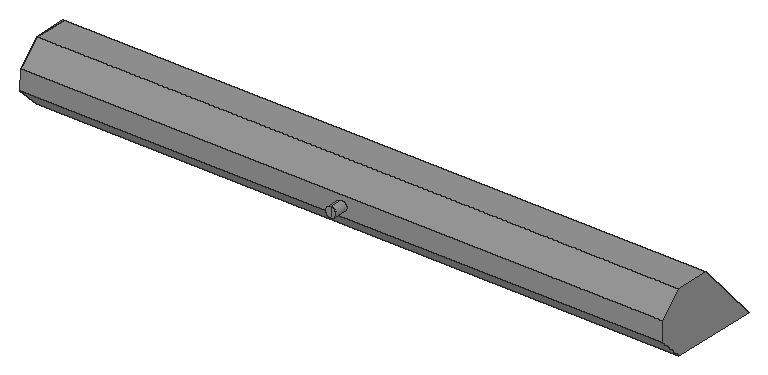
Revit family "Urinal-Wiloughby-1596-WWU", category Plumbing Fixtures, Revit 2015
Parameters (values of type "1596")
  Width = 8' - 0"
  Waste DIA = 1 1/2"
  Waste Connection = yes
  Vent Connection = no
  URL = "https://www.willoughby-ind.com/wp-content/uploads/2018/01/WWU-1500.pdf"
  Type Comments = ""
  Revision = "A"
  Model = "WWU-1596"
  Manufacturer = "Willoughby Industries"
  HW Connection = no
  Fixture Body = Stainless Steel AISI 304-Willoughby
  Description = "96\" Waterless Trough Urinal"
  Default Elevation = 0' - 0"
  Contact = "(800) 428-4065"
  CW Connection = no
  96" = yes
Reference planes (in)
  plane 1 "Center (Front/Back)Floor Level": y = 0
  plane 2: z = 0
  plane 3 "Center (Left/Right)": x = 0
  plane 4: x = -48
  plane 5: x = 48
  plane 6: y = 42
Forms (in)
  Extrusion 1, solid, material "Stainless Steel AISI 304-Willoughby" <- "Fixture Body"
    sketch origin (0, 0, 0) x (0, 1, 0) y (0, 0, 1)
      loop
        line (42, 0) -> (34, 9) -> (29, 9) -> (26, 6) -> (26, 3) -> (29, 0) -> (42, 0)
    from -48 to 48
  Revolve 2, solid, material "Stainless Steel AISI 304-Willoughby" <- "Fixture Body", detail levels medium+fine
    sketch origin (0, 0, 0) x (0, 1, 0) y (0, 0, 1)
      loop
        line (26, 4.5) -> (26, 5.25) -> (24, 5.25) -> (24, 4.5) -> (26, 4.5)
      axis (26, 4.5) -> (24, 4.5)
    angle from 0 to 360
  Extrusion 3, void
    sketch origin (0, 0, 0) x (0, 1, 0) y (0, 0, 1)
      loop
        line (42.78883, 0.09375) -> (42.78883, 8.90625) -> (29.03883, 8.90625) -> (26.09375, 5.96117) -> (26.09375, 3.03883) -> (29.03883, 0.09375) -> (42.78883, 0.09375)
    from -47.90625 to 47.90625
Cuts and joins
  Extrusion 3 cuts Extrusion 1
Lines and regions (in)
  symbolic lines
    curve 1: line (48, 26, 0) -> (-48, 26, 0)
    curve 2: line (-48, 26, 0) -> (-48, 42, 0)
    curve 3: line (-48, 42, 0) -> (48, 42, 0)
    curve 4: line (48, 42, 0) -> (48, 26, 0)
    curve 5: line (-48, 29, 0) -> (48, 29, 0)
    curve 19: line (-48, 26, 0) -> (-48, 42, 0)
    curve 22: line (-48, 34, 0) -> (48, 34, 0)
  symbolic lines, detail levels fine
    curve 6: line (-48, 34, 0) -> (48, 34, 0)
    curve 21: line (48, 26, 0) -> (-48, 26, 0)
  symbolic lines, detail levels medium+fine
    curve 7: line (48, 0, 0) -> (48, 0, 9)
    curve 8: line (48, 0, 9) -> (-48, 0, 9)
    curve 9: line (-48, 0, 9) -> (-48, 0, 0)
    curve 10: line (-48, 0, 0) -> (48, 0, 0)
    curve 11: line (48, 0, 6) -> (-48, 0, 6)
    curve 12: line (48, 0, 3) -> (-48, 0, 3)
    curve 13: line (0, 42, 0) -> (0, 34, 9)
    curve 14: line (0, 34, 9) -> (0, 29, 9)
    curve 15: line (0, 29, 9) -> (0, 26, 6)
    curve 16: line (0, 26, 6) -> (0, 26, 3)
    curve 17: line (0, 26, 3) -> (0, 29, 0)
    curve 18: line (0, 29, 0) -> (0, 42, 0)
    curve 20: line (48, 42, 0) -> (48, 26, 0)
    curve 23: line (-48, 29, 0) -> (48, 29, 0)
Dimensions and locks (in)
  "Width": plane 4 to plane 5
  equal spacing: plane 4, plane 3 "Center (Left/Right)", plane 5
  plane 1 "Center (Front/Back)Floor Level" to plane 6 = 3' - 6"
  plane 3 "Center (Left/Right)" to Extrusion 1 = 4' - 0"
  locked: cut or joined group of Extrusion 1, Extrusion 3 to plane 5 at 0.09375
  locked: cut or joined group of Extrusion 1, Extrusion 3 to cut or joined group of Extrusion 1, Extrusion 3 at 0.09375
  aligned and locked: Extrusion 1 to level
  aligned and locked: plane 4 to Extrusion 1
  aligned and locked: Extrusion 1 to plane 5
  aligned and locked: Revolve 2 sketch curve to Revolve 2 sketch curve  (x2)
  aligned and locked: curve 2 to curve 5
  aligned and locked: curve 5 to cut or joined group of Extrusion 1, Extrusion 3
  aligned and locked: curve 6 to cut or joined group of Extrusion 1, Extrusion 3
  aligned and locked: curve 12 to cut or joined group of Extrusion 1, Extrusion 3
Automatic sketch dimensions
  Extrusion 1 sketch curve to level = 0' - 0"
  Extrusion 1 sketch curve to plane 6 = 0' - 0"
  Extrusion 1 sketch curve to plane 6 = 0' - 8"
  Extrusion 1 sketch curve to Extrusion 1 sketch curve = 0' - 5"  (x2)
  level to Extrusion 1 sketch curve = 0' - 3"
  Extrusion 1 sketch curve to Extrusion 1 sketch curve = 0' - 3"  (x3)
  level to Revolve 2 sketch curve = 0' - 4 1/2"
  Revolve 2 sketch curve to plane 6 = 1' - 6"
  Revolve 2 sketch curve to Revolve 2 sketch curve = 0' - 2"
  Revolve 2 sketch curve to Revolve 2 sketch curve = 0' - 0 3/4"
  Revolve 2 sketch curve to Revolve 2 sketch curve = 0' - 0"
  level to Extrusion 3 sketch curve = 0' - 5.96117"
  Extrusion 3 sketch curve to plane 6 = 1' - 3 29/32"
  level to Extrusion 3 sketch curve = 0' - 0 3/32"
  Extrusion 3 sketch curve to Extrusion 3 sketch curve = 0' - 2.94508"  (x2)
  plane 6 to Extrusion 3 sketch curve = 0' - 0.78883"
  Extrusion 3 sketch curve to Extrusion 3 sketch curve = 0' - 2.92233"
  Extrusion 3 sketch curve to Extrusion 3 sketch curve = 0' - 8 13/16"
  curve 10 to level = 0' - 0"
  plane 4 to curve 10 = 0' - 0"
  plane 5 to curve 10 = 0' - 0"
  level to curve 7 = 0' - 9"
  curve 11 to curve 7 = 0' - 3"
  curve 18 to level = 0' - 0"
  curve 13 to plane 6 = 0' - 0"
  curve 14 to plane 6 = 0' - 8"
  curve 15 to curve 13 = 0' - 5"
  level to curve 15 = 0' - 6"
  curve 15 to curve 14 = 0' - 3"  (x2)
  level to curve 17 = 0' - 3"
  curve 16 to curve 17 = 0' - 3"
  curve 23 to plane 4 = 0' - 0"
  curve 23 to plane 5 = 0' - 0"
  curve 4 to plane 6 = 0' - 0"
  curve 19 to curve 5 = 0' - 3"
  curve 23 to curve 5 = 0' - 0"
  curve 22 to curve 6 = 0' - 0"
Connectors (in)
  piping at (0, 24, 4.5), diameter 1.5, driven by "Waste DIA", driven by "Waste Connection"
    settings: on Revolve 2, index 1, connector inside diameter 24", connector length 0' - 0", flow factor 0, pipe flow 0 GPM, pressure drop 0.00 psi, fitting loss kfactor 0, connector angle 0.00°, fixture units 0, engagement length 0' - 0", angle of deflection 0.00°, flow configuration 0, flow direction 2, fitting loss method 0, system type 16, joint type 0, gender type 0, connector reference index -1, connector utility 1, adjustable connector no, is connector primary yes, connector description "Urinal Waste"
